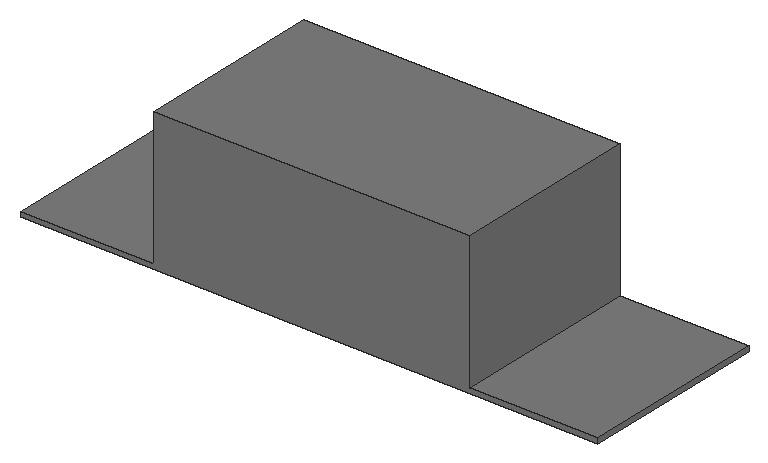
Revit family "200M", category Generic Models, Revit 2021
Family settings
  Can host rebar = No
  Round Connector Dimension = Use Diameter
  Part Type = Normal
  Work Plane-Based = Yes
  Always vertical = No
  Cut with Voids When Loaded = No
  Shared = No
  Room Calculation Point = No
Parameters
  e-mail = "info@vola.com"
  URL = "http://vola.com"
  Telephone = "+45 7023 5500"
  Quality management standard = "ISO 9001"
  Organisation no. / DUNS no. = "17531328"
  Occupational health and safety management standard = "ISO 18001"
  Mounting Instructions = "http://vola.com/service/producturl.ashx?name=200M"
  Model = "200M"
  Materials and components information = "http://vola.com/service/producturl.ashx?name=200M"
  Manufacturer = "VOLA A/S"
  Maintenance Instructions = "http://vola.com/service/producturl.ashx?name=200M"
  Guarantee = "2 years"
  Environmental management standard = "ISO 14000"
  Default Elevation = 1219.20 mm
  Connection - All relevant connections = ""
  Approvals = "http://vola.com/service/producturl.ashx?name=200M"
Reference planes
  plane 1 "Center (Front/Back)": y = 0
  plane 2: z = 0
  plane 3 "Center (Left/Right)": x = 0
Forms (mm)
  Extrusion 1, solid, material "Default"
    sketch origin (0, 69, 70.5) x (1, 0, 0) y (0, 0, 1)
      loop
        line (-77.5, 1) -> (-77.5, -68) -> (82.5, -68) -> (82.5, 1) -> (-77.5, 1)
    from 21.5 to 116.5
  Extrusion 2, solid, material "Default"
    sketch origin (0, 69, 70.5) x (1, 0, 0) y (0, 0, 1)
      loop
        line (-145, -68) -> (-145, -70.5) -> (147.5, -70.5) -> (147.5, -68) -> (-145, -68)
    from 21.5 to 116.5
  Extrusion 3, solid, material "Stainless Steel"
    sketch origin (1071.5, 69, 68) x (0, 1, 0) y (1, 0, 0)
      loop
        circle (-69, -1071.5) r 16.5
    from 68 to 68.5
Cuts and joins
  joined: Extrusion 1, Extrusion 2
Lines and regions (mm)
  reference lines
    curve 1: line (0, 0, -0.5) -> (0, 0, -20.5)
    curve 2: line (0, 0, 27.5) -> (0, -99, 27.5)
    curve 3: line (0, 0, 38) -> (0, 99, 38)
Dimensions and locks
  aligned and locked: plane 2 to level
  aligned and locked: Extrusion 2 to Extrusion 1  (x2)
